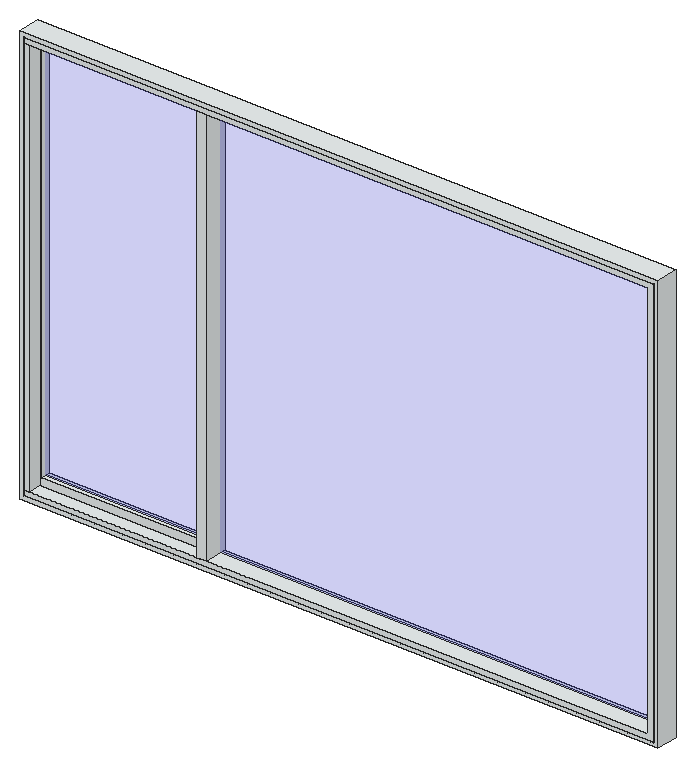
Revit family
Parameters (values of type "발코니창")
  유리 = 유리
  문 틀 = 문 틀
  Type Comments = ""
  Height = 2245 mm
  기본 씰 높이 = 0 mm
  Wall Closure = (empty or 0)
  Width = 3420 mm
  Assembly Code = ""
Reference planes
  plane 1: y = 150
  plane 2 "중심(왼쪽/오른쪽)": x = -100
  plane 3 "왼쪽": x = -1810
  plane 4 "오른쪽": x = 1610
  plane 5 "씰": z = 0
  plane 6 "헤드": z = 2245
  plane 7 "외부": y = 150
  plane 8 "내부": y = -200
  plane 9: y = -25
  plane 10: y = 35
  plane 11: y = -85
  plane 12: z = 2725
  plane 13: z = -285
  plane 14: x = -1955
  plane 15: x = 1755
  plane 16: x = -810
  plane 17: z = 2155
  plane 18: z = 2195
  plane 19: z = 50
  plane 20: z = 90
Forms (mm)
  Sweep 1, solid, material "문 틀"
    path origin (4800, -200, 0) x (1, 0, 0) y (0, 0, 1)
      loop
        line (-6610, 2245) -> (-6610, 0) -> (-3190, 0) -> (-3190, 2245) -> (-6610, 2245)
    profile origin (-1810, -200, 1122.5) x (0, -1, 0) y (1, 0, 0)
      loop
        line (-235, 0) -> (-115, 0) -> (-115, 20) -> (-235, 20) -> (-235, 0)
  Extrusion 2, solid, material "문 틀"
    sketch origin (-200, 0, 0) x (-1, 0, 0) y (0, -1, 0)
      loop
        line (1590, 85) -> (1560, 85) -> (1560, 15) -> (1590, 15) -> (1590, 85)
    from 50 to 2195
  Sweep 3, solid, material "문 틀"
    path origin (-1790, 35, 2225) x (0, 0, -1) y (-1, 0, 0)
      loop
        line (30, -950) -> (30, 0) -> (2175, 0) -> (2175, -950)
    profile origin (-1790, 35, 1122.5) x (0, 1, 0) y (-1, 0, 0)
      loop
        line (0, 0) -> (-50, 0) -> (-50, -40) -> (0, -40) -> (0, 0)
  Sweep 4, solid, material "문 틀"
    path origin (-1810, -85, 2245) x (0, 0, -1) y (1, 0, 0)
      loop
        line (20, 20) -> (20, 3400) -> (2225, 3400) -> (2225, 20)
    profile origin (1590, -85, 1122.5) x (0, -1, 0) y (1, 0, 0)
      loop
        line (0, 0) -> (-120, 0) -> (-120, -30) -> (0, -30) -> (0, 0)
  Extrusion 5, solid, material "유리" <- "유리"
    sketch origin (-200, -110, 0) x (-1, 0, 0) y (0, -1, 0)
      loop
        line (-1760, -125) -> (610, -125) -> (610, -115) -> (-1760, -115) -> (-1760, -125)
    from 50 to 2195
  Extrusion 6, solid, material "문 틀"
    sketch origin (-260, 0, 0) x (-1, 0, 0) y (0, -1, 0)
      loop
        line (580, -35) -> (640, -35) -> (640, 15) -> (580, 15) -> (580, -35)
    from 90 to 2155
  Extrusion 7, solid, material "문 틀"
    sketch origin (-260, 0, 0) x (-1, 0, 0) y (0, -1, 0)
      loop
        line (580, -35) -> (580, 15) -> (600, 15) -> (600, 85) -> (550, 85) -> (550, -35) -> (580, -35)
    from 50 to 2195
  Extrusion 8, solid, material "유리" <- "유리"
    sketch origin (-200, 0, 0) x (-1, 0, 0) y (0, -1, 0)
      loop
        line (700, -5) -> (700, -15) -> (1550, -15) -> (1550, -5) -> (700, -5)
    from 2155 to 90
Lines and regions (mm)
  Opening 1
    outline origin (-5000, 150, 0) x (-1, 0, 0) y (0, 0, 1)
      loop
        line (-3190, 0) -> (-3190, 2245) -> (-6610, 2245) -> (-6610, 0) -> (-3190, 0)
Text (mm)
  text "외부" at (-1963.203, 1332.353, 0), in view "참조 레벨"
  text "내부" at (-1981.466, -818.386, 0), in view "참조 레벨"
  text "외부" at (0, 923.751, 2943.296), in view "오른쪽"
  text "외부" at (0, 1040.484, 2685.409), in view "왼쪽"
Dimensions and locks
  equal spacing: plane 3 "왼쪽", plane 2 "중심(왼쪽/오른쪽)", plane 4 "오른쪽"
  "Width": plane 3 "왼쪽" to plane 4 "오른쪽"
  "Height": plane 5 "씰" to plane 6 "헤드"
  "기본 씰 높이": plane 5 "씰" to level
  locked: plane 7 "외부" to host wall at 0
  locked: plane 8 "내부" to host wall
  plane 10 to plane 9 to plane 11 = 60 mm locked, 60 mm locked
  Extrusion 7 sketch curve to plane 16 to Extrusion 7 sketch curve = 0 mm, 50 mm
  locked: Sweep 1 to Sweep 3 sketch curve at 40
  locked: plane 3 "왼쪽" to plane 16 at 1000
  locked: Extrusion 6 to Extrusion 7 at 60
  locked: Sweep 4 sketch curve to Sweep 1 at 30
  locked: Sweep 4 sketch curve to Sweep 4 sketch curve at 120
  locked: Sweep 1 sketch curve to Sweep 1 sketch curve at 20
  locked: Sweep 1 sketch curve to Sweep 1 sketch curve at 120
  locked: Sweep 1 to Sweep 3 sketch curve at 50
  locked: plane 17 to plane 6 "헤드" at 90
  locked: plane 18 to plane 6 "헤드" at 50
  locked: plane 5 "씰" to plane 19 at 50
  locked: plane 5 "씰" to plane 20 at 90
  aligned and locked: plane 9 to host wall
  aligned and locked: Extrusion 2 sketch curve to Sweep 3
  aligned and locked: Extrusion 6 sketch curve to Sweep 3  (x2)
  aligned and locked: Sweep 4 to Extrusion 7 sketch curve  (x2)
  aligned and locked: Sweep 1 to Sweep 4 sketch curve
  aligned and locked: Extrusion 5 to Sweep 4
  aligned and locked: plane 17 to Extrusion 8
  aligned and locked: plane 17 to Extrusion 6
  aligned and locked: Extrusion 7 to plane 18
  aligned and locked: Extrusion 2 to plane 18
  aligned and locked: Extrusion 5 to plane 19
  aligned and locked: Extrusion 7 to plane 19
  aligned and locked: Extrusion 8 to plane 20
  aligned and locked: Extrusion 6 to plane 20
  aligned and locked: Extrusion 2 to plane 19
Automatic sketch dimensions
  Opening 1 sketch curve to plane 4 "오른쪽" = 0 mm
  Opening 1 sketch curve to plane 3 "왼쪽" = 0 mm
  Opening 1 sketch curve to plane 5 "씰" = 0 mm
  Opening 1 sketch curve to plane 6 "헤드" = 0 mm
  Sweep 1 sketch curve to plane 3 "왼쪽" = 0 mm
  Sweep 1 sketch curve to plane 4 "오른쪽" = 0 mm
  Sweep 1 sketch curve to plane 5 "씰" = 0 mm
  Sweep 1 sketch curve to plane 6 "헤드" = 0 mm
  Sweep 1 sketch curve to profile plane = 0 mm
  Sweep 1 sketch curve to profile plane = 115 mm
  Extrusion 2 sketch curve to plane 11 = 0 mm
  plane 3 "왼쪽" to Extrusion 2 sketch curve = 50 mm
  plane 3 "왼쪽" to Extrusion 2 sketch curve = 20 mm
  Sweep 3 sketch curve to Sweep 1 = 0 mm
  Sweep 3 sketch curve to Sweep 1 = 30 mm  (x2)
  Sweep 3 sketch curve to Sweep 3 sketch curve = 950 mm  (x2)
  Sweep 3 sketch curve to profile plane = 0 mm  (x2)
  Sweep 4 sketch curve to Sweep 1 = 0 mm  (x4)
  Sweep 4 sketch curve to profile plane = 0 mm  (x2)
  Extrusion 5 sketch curve to plane 16 = 0 mm
  plane 10 to Extrusion 5 sketch curve = 20 mm
  Extrusion 5 sketch curve to plane 4 "오른쪽" = 50 mm
  Extrusion 5 sketch curve to Extrusion 5 sketch curve = 10 mm
  plane 16 to Extrusion 6 sketch curve = 30 mm
  Extrusion 6 sketch curve to Extrusion 6 sketch curve = 60 mm
  plane 16 to Extrusion 7 sketch curve = 30 mm
  host wall to Extrusion 7 sketch curve = 10 mm
  host wall to Extrusion 8 sketch curve = 30 mm
  plane 16 to Extrusion 8 sketch curve = 90 mm
  plane 10 to Extrusion 8 sketch curve = 20 mm
  plane 3 "왼쪽" to Extrusion 8 sketch curve = 60 mm
